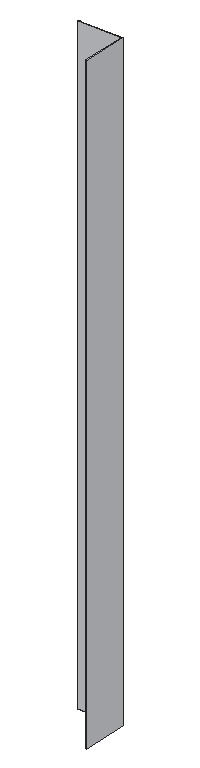
Revit family "AX6331X1220_0002", category Appareils sanitaires, Revit 2016
Family settings
  Hôte = Mur
  Type d'élément = Normal
  Cote de connecteur circulaire = Utiliser le diamètre
  Numéro OmniClass = 23.75.00.00
  Titre OmniClass = Climate Control (HVAC)
  Toujours verticalement = Oui
  Couper avec des vides une fois chargée = Non
  Partagée = Non
  Point de calcul de pièce = Non
Parameters (values of type "Type 1")
  URL = "https://www.axeuro.com/fr/cornieres/25312-corniere-de-protection-d-angle-a-90-profile-en-l-ax6331x1220-3700926000326.html"
  Type de produit / Type of product = "Cornière / Angle"  # constant formula
  Référence / Reference = "AX6331X1220"  # constant formula
  Model = ""
  Manufacturer = ""
  Entreprise / Company = "Axeuro"  # constant formula
  Description = ""
Reference planes
  plane 1 "Mur": y = 0
  plane 2 "Centre (gauche/droite)": x = 0
  plane 3 "Arrière": y = 75
Forms (mm)
  Extrusion 1, solid
    sketch origin (-33.22, -95.111, 0) x (1, 0, 0) y (0, 1, 0)
      loop
        line (244.42, 171.311) -> (244.42, 170.111) -> (333.22, 170.111) -> (333.22, 81.311) -> (334.42, 81.311) -> (334.42, 171.311) -> (244.42, 171.311)
    from 0 to 1220
Text (mm)
  text "Côté de la mise en place" at (-1820.995, 1116.779, 0), in view "Niveau de réf."
  text "Côté de la mise en place" at (0, 1334.055, 2976.191), in view "Gauche"
  text "Côté de la mise en place" at (0, 439.194, 2944.362), in view "Droite"
Dimensions and locks
  locked: plane 3 "Arrière" to host wall
  aligned and locked: plane 1 "Mur" to host wall
